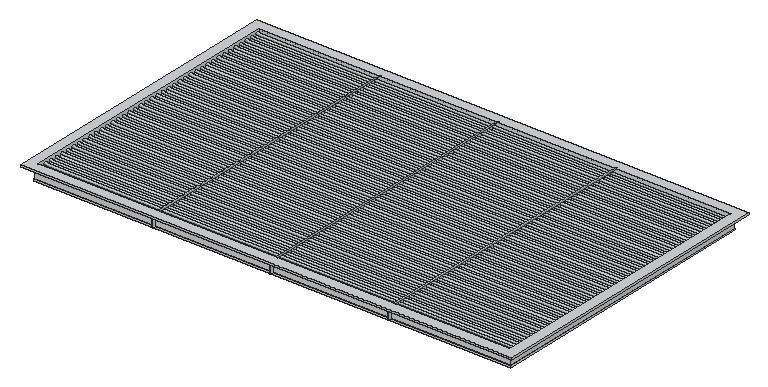
Revit family "GSH", category Air Terminals, Revit 2012
Parameters (values of type "GSH-48-28")
  separación = 0.70963"
  ejes travesaños laterales = A Largo / 2  # 24"
  Width = A Largo + 3" / 2  # 49 1/2"
  URL = "http://www.inne.com.mx"
  Travesaños laterales = if(A Largo > 29", 1 < 2, 1 > 2)  # yes
  Travesaño medio = if(A Largo < 10", 1 > 2, 1 < 2)  # yes
  N° de rejillas = (B Alto / separación) - 1 / 2  # 39
  Mínima velocidad de cuello = 0 FPM
  Mínima presión estática = 0.00 in-wg
  Máximo nivel de ruido (NC) = ""
  Máxima velocidad de cuello = 0 FPM
  Máxima presión estática = 0.00 in-wg
  Material = ""
  Manufacturer = "INNE"
  Height = B Alto + 3" / 2  # 29 1/2"
  Cuello = ""
  B Alto = 28"
  A Largo = 48"
Types (5): name | ejes travesaños laterales | Width | Travesaños laterales | Travesaño medio | N° de rejillas | Height | B Alto | A Largo
  (no name) | 24" | 49 1/2" | yes | yes | 39 | 29 1/2" | 28" | 48"
  GSH-06-06 | 3" | 7 1/2" | no | no | 8 | 7 1/2" | 6" | 6"
  GSH-12-12 | 6" | 13 1/2" | no | yes | 16 | 13 1/2" | 12" | 12"
  GSH-18-18 | 9" | 19 1/2" | no | yes | 25 | 19 1/2" | 18" | 18"
  GSH-48-28 | 24" | 49 1/2" | yes | yes | 39 | 29 1/2" | 28" | 48"
Reference planes (in)
  plane 1 "Center (Front/Back)": y = 0
  plane 2: z = 0
  plane 3 "Center (Left/Right)": x = 0
  plane 4: y = 14
  plane 5: y = -14
  plane 6: x = -24
  plane 7: x = 24
  plane 8: y = 13.5
  plane 9: z = -0.58333
  plane 10: x = -12
  plane 11: x = 12
  plane 12 "top 2": y = 14.50684
  plane 13: y = -14.5
Forms (in)
  Sweep 1, solid
    path origin (0, 0, 0) x (1, 0, 0) y (0, 1, 0)
      loop
        line (-24, 14) -> (-24, -14) -> (24, -14) -> (24, 14) -> (-24, 14)
    profile origin (0, 14, 0) x (0, 1, 0) y (0, 0, 1)
      loop
        line (0, 0) -> (0, -1.33333) -> (0.25, -1.33333) -> (0.25, -1.17708) -> (0.15625, -1.17708) -> (0.15625, -0.3125) -> (0.25, -0.3125) -> (0.25, -0.15625) -> (0.15625, -0.15625) -> (0.15625, 0) -> (0.99814, 0) -> (0.99814, 0.16667) -> (0, 0.16667) -> (0, 0)
  Extrusion 2, solid, visible <- "Travesaño medio"
    sketch origin (0, 14.50684, 0) x (-1, 0, 0) y (0, 0, 1)
      loop
        line (0.02579, -1.17708) -> (0.02579, -0.10442)
        arc (0.02579, -0.10442) -> (0, 0.00171) -> (-0.02579, -0.10442) r 0.0562
        line (-0.02579, -0.10442) -> (-0.02579, -1.17708) -> (0.02579, -1.17708)
    from 0 to -29.00684
  Extrusion 3, solid, visible <- "Travesaños laterales"
    sketch origin (0, 14.50684, 0) x (-1, 0, 0) y (0, 0, 1)
      loop
        line (12.03595, -1.17708) -> (12.03595, -0.10492)
        arc (12.03595, -0.10492) -> (11.99875, -0.00599) -> (11.96405, -0.10582) r 0.0562
        line (11.96405, -0.10582) -> (11.96405, -1.17708) -> (12.03595, -1.17708)
      loop
        line (-11.96897, -1.17708) -> (-11.96897, -0.11842)
        arc (-11.96897, -0.11842) -> (-12.0004, -0.00347) -> (-12.03103, -0.11864) r 0.06171
        line (-12.03103, -0.11864) -> (-12.03103, -1.17708) -> (-11.96897, -1.17708)
    from 0 to -29.00684
Dimensions and locks (in)
  equal spacing: plane 6, plane 3 "Center (Left/Right)", plane 7
  equal spacing: plane 4, plane 1 "Center (Front/Back)", plane 5
  "A Largo": plane 6 to plane 7
  "B Alto": plane 4 to plane 5
  locked: Sweep 1 to plane 9 at 0.75
  locked: plane 4 to plane 8 at 0.5
  equal spacing: group 1, group 2, group 3, group 4, group 5, group 6, group 7, group 8, group 9, group 10, group 11, group 12, group 13, group 14, group 15, group 16, group 17, group 18, group 19, group 20, group 21, group 22, group 23, group 24, group 25, group 26, group 27, group 28, group 29, group 30, group 31, group 32, group 33, group 34, group 35, group 36, group 37, group 38, group 39  (x2)
  equal spacing: group 39, group 38, group 37, group 36, group 35, group 34, group 33, group 32, group 31, group 30, group 29, group 28, group 27, group 26, group 25, group 24, group 23, group 22, group 21, group 20, group 19, group 18, group 17, group 16, group 15, group 14, group 13, group 12, group 11, group 10, group 9, group 8, group 7, group 6, group 5, group 4, group 3, group 2, group 1
  "separación": nested 1 to nested 2
  equal spacing: plane 10, plane 3 "Center (Left/Right)", plane 11
  "ejes travesaños laterales": plane 10 to plane 11
  locked: plane 12 "top 2" to plane 4 at 0.50684
  locked: plane 5 to plane 13 at 0.5
  equal spacing: Extrusion 2 sketch curve, plane 3 "Center (Left/Right)", Extrusion 2 sketch curve
  Extrusion 2 sketch curve to Extrusion 2 sketch curve = 0.05158"
  Extrusion 3 sketch curve to Extrusion 3 sketch curve = 0.07189"
  equal spacing: Extrusion 3 sketch curve, plane 10, Extrusion 3 sketch curve
  Extrusion 3 sketch curve to Extrusion 3 sketch curve = 0.06206"
  equal spacing: Extrusion 3 sketch curve, plane 11, Extrusion 3 sketch curve
  aligned and locked: plane 2 to level
  aligned and locked: Sweep 1 sketch curve to plane 4
  aligned and locked: plane 6 to Sweep 1 sketch curve
  aligned and locked: plane 5 to Sweep 1 sketch curve
  aligned and locked: Sweep 1 sketch curve to plane 7
  aligned and locked: plane 6 to nested 1
  aligned and locked: nested 1 to plane 8
  aligned and locked: plane 9 to nested 1
  aligned and locked: plane 6 to nested 2
  aligned and locked: Extrusion 2 to plane 13
  aligned and locked: Sweep 1 to Extrusion 2 sketch curve
  aligned and locked: Sweep 1 to Extrusion 3 sketch curve  (x2)
  aligned and locked: Extrusion 3 to plane 13
Automatic sketch dimensions
  Sweep 1 sketch curve to level = 0"  (x2)
  Sweep 1 sketch curve to profile plane = 0"
  Sweep 1 sketch curve to Sweep 1 sketch curve = 0.86458"
  Sweep 1 sketch curve to Sweep 1 sketch curve = 5/32"  (x3)
  Sweep 1 sketch curve to profile plane = 5/32"  (x2)
  Sweep 1 sketch curve to Sweep 1 sketch curve = 3/32"  (x2)
  Sweep 1 sketch curve to Sweep 1 sketch curve = 0.74814"
  level to Sweep 1 sketch curve = 0.16667"
  Extrusion 2 sketch curve to plane 3 "Center (Left/Right)" = 0"
  Extrusion 2 sketch curve to level = 0.10442"
  Extrusion 2 sketch curve to level = 0.05449"
  plane 11 to Extrusion 3 sketch curve = 0.03103"
  plane 11 to Extrusion 3 sketch curve = 0.00018"
  plane 10 to Extrusion 3 sketch curve = 0.03595"
  plane 10 to Extrusion 3 sketch curve = 0.00054"
  Extrusion 3 sketch curve to level = 0.11864"
  Extrusion 3 sketch curve to Extrusion 3 sketch curve = 0.00021"
  Extrusion 3 sketch curve to level = 0.10582"
  Extrusion 3 sketch curve to Extrusion 3 sketch curve = 0.0009"
Nested families (in)
  nested 1: "Rejilla aleta" at (-24, 13.5, -0.58333), type "Rejilla aleta"
    with Largo rejilla 48"
  nested 2: "Rejilla aleta" at (-24, 12.79037, -0.58333), type "Rejilla aleta"
    with Largo rejilla 48"
  nested 3: "Rejilla aleta" at (-24, 12.08075, -0.58333), type "Rejilla aleta"
    with Largo rejilla 48"
  nested 4: "Rejilla aleta" at (-24, 11.37112, -0.58333), type "Rejilla aleta"
    with Largo rejilla 48"
  nested 5: "Rejilla aleta" at (-24, 10.6615, -0.58333), type "Rejilla aleta"
    with Largo rejilla 48"
  nested 6: "Rejilla aleta" at (-24, 9.95187, -0.58333), type "Rejilla aleta"
    with Largo rejilla 48"
  nested 7: "Rejilla aleta" at (-24, 9.24224, -0.58333), type "Rejilla aleta"
    with Largo rejilla 48"
  nested 8: "Rejilla aleta" at (-24, 8.53262, -0.58333), type "Rejilla aleta"
    with Largo rejilla 48"
  nested 9: "Rejilla aleta" at (-24, 7.82299, -0.58333), type "Rejilla aleta"
    with Largo rejilla 48"
  nested 10: "Rejilla aleta" at (-24, 7.11336, -0.58333), type "Rejilla aleta"
    with Largo rejilla 48"
  nested 11: "Rejilla aleta" at (-24, 6.40374, -0.58333), type "Rejilla aleta"
    with Largo rejilla 48"
  nested 12: "Rejilla aleta" at (-24, 5.69411, -0.58333), type "Rejilla aleta"
    with Largo rejilla 48"
  nested 13: "Rejilla aleta" at (-24, 4.98449, -0.58333), type "Rejilla aleta"
    with Largo rejilla 48"
  nested 14: "Rejilla aleta" at (-24, 4.27486, -0.58333), type "Rejilla aleta"
    with Largo rejilla 48"
  nested 15: "Rejilla aleta" at (-24, 3.56523, -0.58333), type "Rejilla aleta"
    with Largo rejilla 48"
  nested 16: "Rejilla aleta" at (-24, 2.85561, -0.58333), type "Rejilla aleta"
    with Largo rejilla 48"
  nested 17: "Rejilla aleta" at (-24, 2.14598, -0.58333), type "Rejilla aleta"
    with Largo rejilla 48"
  nested 18: "Rejilla aleta" at (-24, 1.43635, -0.58333), type "Rejilla aleta"
    with Largo rejilla 48"
  nested 19: "Rejilla aleta" at (-24, 0.72673, -0.58333), type "Rejilla aleta"
    with Largo rejilla 48"
  nested 20: "Rejilla aleta" at (-24, 0.0171, -0.58333), type "Rejilla aleta"
    with Largo rejilla 48"
  nested 21: "Rejilla aleta" at (-24, -0.69252, -0.58333), type "Rejilla aleta"
    with Largo rejilla 48"
  nested 22: "Rejilla aleta" at (-24, -1.40215, -0.58333), type "Rejilla aleta"
    with Largo rejilla 48"
  nested 23: "Rejilla aleta" at (-24, -2.11178, -0.58333), type "Rejilla aleta"
    with Largo rejilla 48"
  nested 24: "Rejilla aleta" at (-24, -2.8214, -0.58333), type "Rejilla aleta"
    with Largo rejilla 48"
  nested 25: "Rejilla aleta" at (-24, -3.53103, -0.58333), type "Rejilla aleta"
    with Largo rejilla 48"
  nested 26: "Rejilla aleta" at (-24, -4.24065, -0.58333), type "Rejilla aleta"
    with Largo rejilla 48"
  nested 27: "Rejilla aleta" at (-24, -4.95028, -0.58333), type "Rejilla aleta"
    with Largo rejilla 48"
  nested 28: "Rejilla aleta" at (-24, -5.65991, -0.58333), type "Rejilla aleta"
    with Largo rejilla 48"
  nested 29: "Rejilla aleta" at (-24, -6.36953, -0.58333), type "Rejilla aleta"
    with Largo rejilla 48"
  nested 30: "Rejilla aleta" at (-24, -7.07916, -0.58333), type "Rejilla aleta"
    with Largo rejilla 48"
  nested 31: "Rejilla aleta" at (-24, -7.78879, -0.58333), type "Rejilla aleta"
    with Largo rejilla 48"
  nested 32: "Rejilla aleta" at (-24, -8.49841, -0.58333), type "Rejilla aleta"
    with Largo rejilla 48"
  nested 33: "Rejilla aleta" at (-24, -9.20804, -0.58333), type "Rejilla aleta"
    with Largo rejilla 48"
  nested 34: "Rejilla aleta" at (-24, -9.91766, -0.58333), type "Rejilla aleta"
    with Largo rejilla 48"
  nested 35: "Rejilla aleta" at (-24, -10.62729, -0.58333), type "Rejilla aleta"
    with Largo rejilla 48"
  nested 36: "Rejilla aleta" at (-24, -11.33692, -0.58333), type "Rejilla aleta"
    with Largo rejilla 48"
  nested 37: "Rejilla aleta" at (-24, -12.04654, -0.58333), type "Rejilla aleta"
    with Largo rejilla 48"
  nested 38: "Rejilla aleta" at (-24, -12.75617, -0.58333), type "Rejilla aleta"
    with Largo rejilla 48"
  nested 39: "Rejilla aleta" at (-24, -13.46579, -0.58333), type "Rejilla aleta"
    with Largo rejilla 48"
Connectors (in)
  hvac at (0, 0, 0), driven by "Height", driven by "Width"
    settings: on Sweep 1, index 1, duct flow 0 CFM, flow factor 0, pres drop 0.00 in-wg, loss coef 0, conn angle 0.00°, conn width 49 1/2", conn height 29 1/2", conn radius 12", duct sys type 1, conn prof type 1, flow config 0, flow direction 0, loss method 0, conn ref index -1, conn util no, is conn primary yes, conn desc ""
Definition of nested family "Rejilla aleta"
  Parameters (values of type "Rejilla aleta")
    Largo rejilla = 12.27168"
  Reference planes (in)
    plane 1 "Center (Front/Back)": y = 0
    plane 2: z = 0
    plane 3 "Center (Left/Right)": x = 0
    plane 4: y = 0.75
    plane 5: y = -0.75
    plane 6: z = -0.75
    plane 7: z = 0.75
    plane 8: z = 0
    plane 9: y = 0
    plane 10: x = 12.27168
  Forms (in)
    Extrusion 1, solid
      sketch origin (0, 0, 0) x (0, 1, 0) y (0, 0, 1)
        loop
          line (-0.26338, -0.52178) -> (0.23181, 0.33592)
          arc (0.23181, 0.33592) -> (0.3001, 0.52015) -> (0.1774, 0.36669) r 0.09951
          line (0.1774, 0.36669) -> (-0.31751, -0.49053) -> (-0.26338, -0.52178)
      from 0 to 12.27168
  Dimensions and locks (in)
    equal spacing: plane 4, plane 1 "Center (Front/Back)", plane 5
    plane 4 to plane 5 = 1 1/2"
    equal spacing: plane 7, level, plane 6
    plane 7 to plane 6 = 1 1/2"
    Extrusion 1 sketch curve to Extrusion 1 sketch curve = 1/16"
    "Largo rejilla": plane 3 "Center (Left/Right)" to plane 10
    aligned and locked: plane 2 to level
    aligned and locked: Extrusion 1 to plane 10
  Automatic sketch dimensions
    plane 1 "Center (Front/Back)" to Extrusion 1 sketch curve = 0.31751"
    plane 6 to Extrusion 1 sketch curve = 0.22822"
    Extrusion 1 sketch curve to Extrusion 1 sketch curve = 0.05413"
    Extrusion 1 sketch curve to Extrusion 1 sketch curve = 0.0193"
    Extrusion 1 sketch curve to Extrusion 1 sketch curve = 0.0544"
    Extrusion 1 sketch curve to Extrusion 1 sketch curve = 0"
    Extrusion 1 sketch curve to plane 1 "Center (Front/Back)" = 0.1774"
